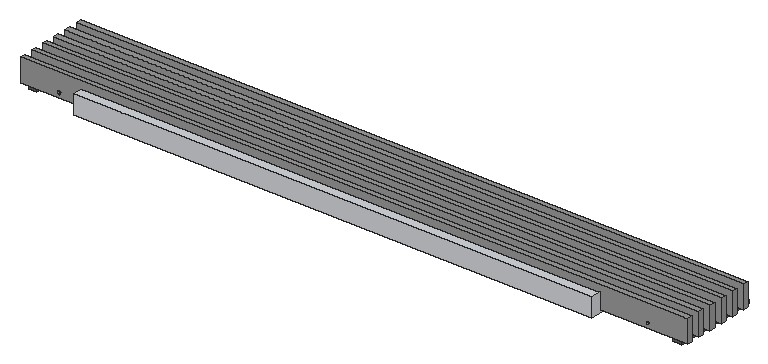
Revit family "1214-6, Solid", category Generic Models, host Face, Revit 2020
Family settings
  Host = Face
  Can host rebar = No
  Round Connector Dimension = Use Diameter
  Part Type = Normal
  Cut with Voids When Loaded = No
  Shared = No
  Room Calculation Point = No
Parameters
  min_value [instance] = 1' - 11 1/4"  # constant formula
  max_value [instance] = 11' - 11 1/4"  # constant formula
  actual_value [instance] = if(NET LENGTH < min_value, min_value, if(NET LENGTH > max_value, max_value, NET LENGTH))  # 7' - 11 1/4"
  NET LENGTH [instance] = 7' - 11 1/4"
  IMPORTANT NOTE!!!                                                                             *Backer & dowel layout is for visualization purposes only, final layout to be determined by 9Wood. [instance] = ""
  Default Elevation = 4' - 0"
  DOWEL RADIUS [instance] = 0' - 0 1/4"  # constant formula
  BACKING M MATERIAL [instance] = BLACK-BACKERS
  .. MEMBER WIDTH [instance] = 0' - 0 3/4"  # constant formula
  .. MEMBER MATERIAL [instance] = Solid Western Hemlock
  .. MEMBER DEPTH [instance] = 0' - 3 1/4"  # constant formula
  .. MEMBER COUNT [instance] = 6  # constant formula
Reference planes (in)
  plane 1 "Center (Front/Back)": y = 0
  plane 2: z = 2.726
  plane 3 "Center (Left/Right)": x = 0
Forms (in)
  Extrusion 1, solid
    sketch origin (15, -0.86619, -0.99308) x (0, 1, 0) y (-1, 0, 0)
      loop
        line (3.42869, -23.66817) -> (3.42869, 50.25) -> (-10, 50.25) -> (-10, -23.66817) -> (3.42869, -23.66817)
    from 3.71908 to 1.00111
Dimensions and locks (in)
  aligned and locked: plane 2 to Extrusion 1
Nested families (in)
  nested 1: "1200 Series" at (-44, -2, 1.87867), NET LENGTH <- "actual_value", DOWEL RADII <- "DOWEL RADIUS", .. MEMBER WIDTH <- ".. MEMBER WIDTH", .. MEMBER DEPTH <- ".. MEMBER DEPTH", .. MEMBER MATERIAL <- ".. MEMBER MATERIAL", BACKING M MATERIAL <- "BACKING M MATERIAL", .. MEMBER COUNT <- ".. MEMBER COUNT", type "1200 Series"
    with X 7' - 4", WIDTH 1' - 0 1/16", Space 0' - 0 11/16", START 0' - 0 3/8", SCRIM MATERIAL SCRIM, SCRIM 3 8' - 1", SCRIM 2 0' - 0 7/8", SCRIM 1 0' - 0 3/32", SCRIM yes, NET LENGTH 7' - 11 1/4", N 8, INSET 3 0' - 0 3/16", INSET 0' - 1", INDEX 0' - 5 5/8", END BACKER yes, DOWEL RADII 0' - 0 1/4", DOWEL COUNT 8, BACKING M WIDTH 0' - 1 1/4", BACKING M MATERIAL BLACK-BACKERS, BACKING M LENGTH 0' - 11 7/8", BACKING M DEPTH 0' - 0 1/2", .. MEMBER WIDTH 0' - 0 3/4", .. MEMBER OC TYP 0' - 2", .. MEMBER MATERIAL Solid Western Hemlock, .. MEMBER DEPTH 0' - 3 1/4", .. MEMBER COUNT 6
Definition of nested family "1200 Series"
  Parameters (values of type "1200 Series")
    X [instance] = NET LENGTH - (0' 3 5/8" * 2)  # 6' - 2"
    WIDTH [instance] = 1' - 0 1/16"
    Space [instance] = 0' - 0 11/16"  # constant formula
    START [instance] = .. MEMBER WIDTH / 2  # 0' - 0 3/8"
    SCRIM MATERIAL [instance] = none
    SCRIM 3 [instance] = NET LENGTH + (SCRIM 2 * 2)  # 6' - 11"
    SCRIM 2 [instance] = 0' - 0 7/8"
    SCRIM 1 [instance] = 0' - 0 3/32"
    SCRIM [instance] = yes
    NET LENGTH [instance] = 6' - 9 1/4"
    N [instance] = if((X - (rounddown(X / 1' 0") * 1' 0")) > 1' 0", rounddown(X / 1' 0") + 2, rounddown(X / 1' 0") + 1)  # 7
    INSET 3 [instance] = 0' - 0 3/16"
    INSET [instance] = 0' - 1"
    INDEX [instance] = (NET LENGTH - ((N - 1) * 1' 0")) / 2  # 0' - 4 5/8"
    END BACKER [instance] = yes
    Default Elevation = 0' - 0"
    DOWEL RADII [instance] = 0' - 0 1/4"
    DOWEL COUNT [instance] = N  # 7
    BACKING M WIDTH [instance] = 0' - 1 1/4"
    BACKING M MATERIAL [instance] = none
    BACKING M LENGTH [instance] = 0' - 11 7/8"
    BACKING M DEPTH [instance] = 0' - 0 1/2"
    .. MEMBER WIDTH [instance] = 0' - 0 3/4"
    .. MEMBER OC TYP [instance] = 1' 0" / .. MEMBER COUNT  # 0' - 3"
    .. MEMBER MATERIAL [instance] = none
    .. MEMBER DEPTH [instance] = 0' - 1 3/8"
    .. MEMBER COUNT [instance] = 4
  Reference planes (in)
    plane 1 "Center (Front/Back)": y = -7.5
    plane 2: z = 0
    plane 3 "Center (Left/Right)": x = 0
    plane 4: x = 1
    plane 5: x = 4.625
    plane 6: x = 81.25
    plane 7: x = 80.25
    plane 8: x = 16.625
    plane 9: y = -7.3125
    plane 10: y = -4.125
    plane 11: y = -7.125
    plane 12: y = 4.5625
    plane 13: y = -4.5
    plane 14: y = -7.59375
    plane 15: x = 82.125
    plane 16: y = 4.65625
    plane 17: x = -0.875
    plane 18: z = -1.375
    plane 19: z = -0.6875
  Lines and regions (in)
    model lines
      curve 1: line (4.375, -7.5, -0.6875) -> (4.875, -7.5, -0.6875)
    model lines, not visible
      curve 2: line (4.625, -7.5, -0.9375) -> (4.625, -7.5, -0.4375)
      curve 3: line (4.375, -7.5, -0.6875) -> (4.875, -7.5, -0.6875)
      curve 4: line (16.625, -7.5, -0.9375) -> (16.625, -7.5, -0.4375)
      curve 5: line (16.375, -7.5, -0.6875) -> (16.875, -7.5, -0.6875)
      curve 6: line (28.625, -7.5, -0.9375) -> (28.625, -7.5, -0.4375)
      curve 7: line (28.375, -7.5, -0.6875) -> (28.875, -7.5, -0.6875)
      curve 8: line (40.625, -7.5, -0.9375) -> (40.625, -7.5, -0.4375)
      curve 9: line (40.375, -7.5, -0.6875) -> (40.875, -7.5, -0.6875)
      curve 10: line (52.625, -7.5, -0.9375) -> (52.625, -7.5, -0.4375)
      curve 11: line (52.375, -7.5, -0.6875) -> (52.875, -7.5, -0.6875)
      curve 12: line (64.625, -7.5, -0.9375) -> (64.625, -7.5, -0.4375)
      curve 13: line (64.375, -7.5, -0.6875) -> (64.875, -7.5, -0.6875)
      curve 14: line (76.625, -7.5, -0.9375) -> (76.625, -7.5, -0.4375)
      curve 15: line (76.375, -7.5, -0.6875) -> (76.875, -7.5, -0.6875)
  Dimensions and locks (in)
    "NET LENGTH": plane 3 "Center (Left/Right)" to plane 6
    "INSET": plane 7 to plane 6
    "INDEX": plane 3 "Center (Left/Right)" to plane 5
    plane 5 to plane 8 = 1' - 0"
    "INSET 3": plane 1 "Center (Front/Back)" to plane 9
    equal spacing: group 1, group 2, group 3, group 4  (x3)
    "START": plane 11 to plane 1 "Center (Front/Back)"
    ".. MEMBER OC TYP": plane 10 to plane 11
    "WIDTH": plane 12 to plane 1 "Center (Front/Back)"
    "START": plane 10 to plane 13
    "SCRIM 1": plane 14 to plane 1 "Center (Front/Back)"
    "SCRIM 2": plane 6 to plane 15
    "SCRIM 1": plane 12 to plane 16
    "SCRIM 2": plane 17 to plane 3 "Center (Left/Right)"
    "INSET": plane 3 "Center (Left/Right)" to plane 4
    equal spacing: group 5, group 6, group 7, group 8, group 9, group 10, group 11  (x3)
    "Space": plane 19 to plane 18
    aligned and locked: level to plane 2
    aligned and locked: nested 1 to plane 4  (x2)
    aligned and locked: plane 7 to nested 2
    aligned and locked: plane 5 to nested 3
    aligned and locked: nested 1 to plane 9
    aligned and locked: plane 1 "Center (Front/Back)" to nested 4
    aligned and locked: plane 9 to nested 2
    aligned and locked: plane 13 to nested 5
    aligned and locked: nested 3 to plane 9
    aligned and locked: plane 18 to nested 1
    aligned and locked: plane 19 to nested 3
    aligned and locked: curve 1 to plane 19
    aligned and locked: plane 8 to curve 4
    aligned and locked: curve 5 to plane 19
    aligned and locked: nested 4 to plane 18
  Automatic sketch dimensions
    curve 1 to curve 1 = 0' - 0 1/2"
    curve 1 to plane 5 = 0' - 0 1/4"
    plane 5 to curve 1 = 0' - 0 1/4"
    curve 3 to curve 2 = 0' - 0 1/4"  (x2)
    curve 2 to curve 3 = 0' - 0 1/4"  (x2)
    curve 5 to curve 4 = 0' - 0 1/4"  (x2)
    curve 4 to curve 5 = 0' - 0 1/4"  (x2)
    curve 7 to curve 6 = 0' - 0 1/4"  (x2)
    curve 6 to curve 7 = 0' - 0 1/4"  (x2)
    curve 9 to curve 8 = 0' - 0 1/4"  (x2)
    curve 8 to curve 9 = 0' - 0 1/4"  (x2)
    curve 11 to curve 10 = 0' - 0 1/4"  (x2)
    curve 10 to curve 11 = 0' - 0 1/4"  (x2)
    curve 13 to curve 12 = 0' - 0 1/4"  (x2)
    curve 12 to curve 13 = 0' - 0 1/4"  (x2)
    curve 15 to curve 14 = 0' - 0 1/4"  (x2)
    curve 14 to curve 15 = 0' - 0 1/4"  (x2)
  Nested families (in)
    nested 1: "INSTANCE - 2ND -  EXTEND SIDE H CENTER W - Parametric Cube" at (1, -1.375, -1.375) x (0, -1, 0) z (0, 0, 1), Width <- "BACKING M LENGTH", Length <- "BACKING M WIDTH", Material <- "BACKING M MATERIAL", Height <- "BACKING M DEPTH", visible <- "END BACKER", type "INSTANCE - 2ND -  EXTEND SIDE H CENTER W - Parametric Cube"
      with Width 0' - 11 7/8", Material none, Length 0' - 1 1/4", Height 0' - 0 1/2"
    nested 2: "INSTANCE - 2ND -  EXTEND SIDE H CENTER W - Parametric Cube" at (80.25, -1.375, -1.375) x (0, -1, 0) z (0, 0, 1), Width <- "BACKING M LENGTH", Length <- "BACKING M WIDTH", Material <- "BACKING M MATERIAL", Height <- "BACKING M DEPTH", visible <- "END BACKER", type "INSTANCE - 2ND -  EXTEND SIDE H CENTER W - Parametric Cube"
      with Width 0' - 11 7/8", Material none, Length 0' - 1 1/4", Height 0' - 0 1/2"
    nested 3: "Family3" at (-5.375, -7.3125, -0.6875), DOWEL RADII <- "DOWEL RADII", BACKING MEM MATERIAL <- "BACKING M MATERIAL", type "Family3"
      with DOWEL RADII 0' - 0 1/4", DOWEL LENGTH 0' - 11 7/8", BACKING MEM MATERIAL none
    nested 4: "HOLED MEMBER" at (0, -18.75, 6.19404), DOWEL RADII <- "DOWEL RADII", .. MEMBER LENGTH <- "NET LENGTH", DOWEL COUNT <- "DOWEL COUNT", DEPTH <- ".. MEMBER DEPTH", .. MEMBER WIDTH <- ".. MEMBER WIDTH", Material <- ".. MEMBER MATERIAL", DOWEL INDEX <- "INDEX", Space 2 <- "Space", type "HOLED MEMBER"
      with Width 0' - 6", Space 2 0' - 0 11/16", Material none, Length 1' - 0", Height 0' - 10.43096", DOWEL RADII 0' - 0 1/4", DOWEL OC DIST 1' - 0", DOWEL INDEX 0' - 4 5/8", DOWEL COUNT 7, DEPTH 0' - 1 3/8", .. MEMBER WIDTH 0' - 0 3/4", .. MEMBER LENGTH 6' - 9 1/4"
    nested 5: "HOLED MEMBER" at (0, -15.75, 6.19404), DOWEL RADII <- "DOWEL RADII", .. MEMBER LENGTH <- "NET LENGTH", DOWEL COUNT <- "DOWEL COUNT", DEPTH <- ".. MEMBER DEPTH", .. MEMBER WIDTH <- ".. MEMBER WIDTH", Material <- ".. MEMBER MATERIAL", DOWEL INDEX <- "INDEX", Space 2 <- "Space", type "HOLED MEMBER"
      with Width 0' - 6", Space 2 0' - 0 11/16", Material none, Length 1' - 0", Height 0' - 10.43096", DOWEL RADII 0' - 0 1/4", DOWEL OC DIST 1' - 0", DOWEL INDEX 0' - 4 5/8", DOWEL COUNT 7, DEPTH 0' - 1 3/8", .. MEMBER WIDTH 0' - 0 3/4", .. MEMBER LENGTH 6' - 9 1/4"
    nested 6: "HOLED MEMBER" at (0, -12.75, 6.19404), DOWEL RADII <- "DOWEL RADII", .. MEMBER LENGTH <- "NET LENGTH", DOWEL COUNT <- "DOWEL COUNT", DEPTH <- ".. MEMBER DEPTH", .. MEMBER WIDTH <- ".. MEMBER WIDTH", Material <- ".. MEMBER MATERIAL", DOWEL INDEX <- "INDEX", Space 2 <- "Space", type "HOLED MEMBER"
      with Width 0' - 6", Space 2 0' - 0 11/16", Material none, Length 1' - 0", Height 0' - 10.43096", DOWEL RADII 0' - 0 1/4", DOWEL OC DIST 1' - 0", DOWEL INDEX 0' - 4 5/8", DOWEL COUNT 7, DEPTH 0' - 1 3/8", .. MEMBER WIDTH 0' - 0 3/4", .. MEMBER LENGTH 6' - 9 1/4"
    nested 7: "HOLED MEMBER" at (0, -9.75, 6.19404), DOWEL RADII <- "DOWEL RADII", .. MEMBER LENGTH <- "NET LENGTH", DOWEL COUNT <- "DOWEL COUNT", DEPTH <- ".. MEMBER DEPTH", .. MEMBER WIDTH <- ".. MEMBER WIDTH", Material <- ".. MEMBER MATERIAL", DOWEL INDEX <- "INDEX", Space 2 <- "Space", type "HOLED MEMBER"
      with Width 0' - 6", Space 2 0' - 0 11/16", Material none, Length 1' - 0", Height 0' - 10.43096", DOWEL RADII 0' - 0 1/4", DOWEL OC DIST 1' - 0", DOWEL INDEX 0' - 4 5/8", DOWEL COUNT 7, DEPTH 0' - 1 3/8", .. MEMBER WIDTH 0' - 0 3/4", .. MEMBER LENGTH 6' - 9 1/4"
    nested 8: "Family3" at (6.625, -7.3125, -0.6875), DOWEL RADII <- "DOWEL RADII", BACKING MEM MATERIAL <- "BACKING M MATERIAL", type "Family3"
      with DOWEL RADII 0' - 0 1/4", DOWEL LENGTH 0' - 11 7/8", BACKING MEM MATERIAL none
    nested 9: "Family3" at (18.625, -7.3125, -0.6875), DOWEL RADII <- "DOWEL RADII", BACKING MEM MATERIAL <- "BACKING M MATERIAL", type "Family3"
      with DOWEL RADII 0' - 0 1/4", DOWEL LENGTH 0' - 11 7/8", BACKING MEM MATERIAL none
    nested 10: "Family3" at (30.625, -7.3125, -0.6875), DOWEL RADII <- "DOWEL RADII", BACKING MEM MATERIAL <- "BACKING M MATERIAL", type "Family3"
      with DOWEL RADII 0' - 0 1/4", DOWEL LENGTH 0' - 11 7/8", BACKING MEM MATERIAL none
    nested 11: "Family3" at (42.625, -7.3125, -0.6875), DOWEL RADII <- "DOWEL RADII", BACKING MEM MATERIAL <- "BACKING M MATERIAL", type "Family3"
      with DOWEL RADII 0' - 0 1/4", DOWEL LENGTH 0' - 11 7/8", BACKING MEM MATERIAL none
    nested 12: "Family3" at (54.625, -7.3125, -0.6875), DOWEL RADII <- "DOWEL RADII", BACKING MEM MATERIAL <- "BACKING M MATERIAL", type "Family3"
      with DOWEL RADII 0' - 0 1/4", DOWEL LENGTH 0' - 11 7/8", BACKING MEM MATERIAL none
    nested 13: "Family3" at (66.625, -7.3125, -0.6875), DOWEL RADII <- "DOWEL RADII", BACKING MEM MATERIAL <- "BACKING M MATERIAL", type "Family3"
      with DOWEL RADII 0' - 0 1/4", DOWEL LENGTH 0' - 11 7/8", BACKING MEM MATERIAL none
  Definition of nested family "INSTANCE - 2ND -  EXTEND SIDE H CENTER W - Parametric Cube"
    Parameters (values of type "INSTANCE - 2ND -  EXTEND SIDE H CENTER W - Parametric Cube")
      Width [instance] = 0' - 6"
      Material [instance] = none
      Length [instance] = 1' - 0"
      Height [instance] = 1' - 6"
      Default Elevation = 0' - 0"
    Reference planes (in)
      plane 1 "Center (Front/Back)": y = 0
      plane 2: z = 0
      plane 3 "Center (Left/Right)": x = 0
      plane 4: x = -3
      plane 5: x = 3
      plane 6: y = 12
      plane 7: z = -18
    Forms (in)
      Extrusion 1, solid, material <- "Material"
        sketch origin (0, 6, 0) x (1, 0, 0) y (0, 1, 0)
          loop
            line (-3, 6) -> (-3, -6) -> (3, -6) -> (3, 6) -> (-3, 6)
        from -18 to 0
    Dimensions and locks (in)
      equal spacing: plane 4, plane 3 "Center (Left/Right)", plane 5
      "Width": plane 4 to plane 5
      "Height": plane 7 to level
      "Length": plane 1 "Center (Front/Back)" to plane 6
      aligned and locked: plane 2 to level
      aligned and locked: plane 4 to Extrusion 1 sketch curve
      aligned and locked: Extrusion 1 sketch curve to plane 5
      aligned and locked: Extrusion 1 to plane 7
      aligned and locked: plane 6 to Extrusion 1
    Automatic sketch dimensions
      plane 1 "Center (Front/Back)" to Extrusion 1 sketch curve = 0' - 0"
      plane 6 to Extrusion 1 sketch curve = 0' - 0"
  Definition of nested family "Family3"
    Parameters (values of type "Family3")
      Default Elevation = 0' - 0"
      DOWEL RADII [instance] = 0' - 0 5/8"
      DOWEL LENGTH [instance] = 0' - 5"
      BACKING MEM MATERIAL [instance] = none
    Reference planes (in)
      plane 1 "Center (Front/Back)": y = 0
      plane 2: z = 0
      plane 3 "Center (Left/Right)": x = 0
      plane 4: y = 5
    Forms (in)
      Extrusion 1, solid, material <- "BACKING MEM MATERIAL"
        sketch origin (10, 0, 0) x (1, 0, 0) y (0, 0, 1)
          loop
            circle (0, 0) r 0.625
        from 0 to -5
      Extrusion 2, solid, not visible
        sketch origin (0, 0, 0) x (1, 0, 0) y (0, 0, 1)
          loop
            circle (0, 0) r 0.625
        from 0 to 12
      Extrusion 3, solid, not visible
        sketch origin (10, 0, 0) x (1, 0, 0) y (0, 0, 1)
          loop
            circle (0, 0) r 0.625
        from 0 to 2.5
      Extrusion 4, solid, not visible
        sketch origin (10, 0, 0) x (1, 0, 0) y (0, 0, 1)
          loop
            circle (0, 0) r 0.625
        from 0 to -12
    Lines and regions (in)
      model lines, not visible
        curve 1: line (-13, 0, 0) -> (-13, -12, 0)
        curve 2: line (13, 0, 0) -> (13, -12, 0)
        curve 3: line (9.89453, 0, 0) -> (10.08794, 0, 0)
        curve 4: line (9.89453, -2.5, 0) -> (10.08794, -2.5, 0)
        curve 6: line (10, 0, 0) -> (10, 2, 0)
      model lines
        curve 5: line (10, 0, 0) -> (10, 2, 0)
    Dimensions and locks (in)
      "DOWEL LENGTH": plane 1 "Center (Front/Back)" to plane 4
      "DOWEL RADII": radius of Extrusion 1 sketch curve
      "DOWEL RADII": radius of Extrusion 2 sketch curve
      "DOWEL RADII": radius of Extrusion 3 sketch curve
      "DOWEL RADII": radius of Extrusion 4 sketch curve
      "DOWEL RADII": radius of Extrusion 1
      aligned and locked: plane 2 to level
      aligned and locked: Extrusion 1 to plane 1 "Center (Front/Back)"  (x3)
      aligned and locked: plane 1 "Center (Front/Back)" to Extrusion 1
      aligned and locked: plane 4 to Extrusion 1
    Automatic sketch dimensions
      plane 1 "Center (Front/Back)" to curve 5 = 0' - 0"
      curve 5 to plane 1 "Center (Front/Back)" = 0' - 2"
      plane 3 "Center (Left/Right)" to curve 5 = 0' - 10"
      Extrusion 1 sketch curve to level = 0' - 0"
      plane 3 "Center (Left/Right)" to Extrusion 1 sketch curve = 0' - 10"
  Definition of nested family "HOLED MEMBER"
    Parameters (values of type "HOLED MEMBER")
      Width [instance] = 0' - 6"
      Space 2 [instance] = 0' - 0 5/8"
      Space = 0' - 0 5/8"
      Material [instance] = none
      Length [instance] = 1' - 0"
      Height [instance] = 0' - 10.43096"
      Default Elevation = 0' - 0"
      DOWEL RADII [instance] = 0' - 0.34537"
      DOWEL OC DIST [instance] = 1' - 0"
      DOWEL INSET = 0' - 0 5/8"
      DOWEL INDEX [instance] = 0' - 5 5/8"
      DOWEL COUNT [instance] = 6
      DEPTH [instance] = 0' - 2"
      .. MEMBER WIDTH [instance] = 0' - 0 5/8"
      .. MEMBER LENGTH [instance] = 5' - 11 3/4"
    Reference planes (in)
      plane 1 "Center (Front/Back)": y = 12
      plane 2: z = -7.56904
      plane 3 "Center (Left/Right)": x = 0
      plane 4: x = 5.625
      plane 5: x = 17.625
      plane 6: y = 11.375
      plane 7: x = 71.75
      plane 8: z = -6.94404
      plane 9: z = -5.56904
    Forms (in)
      Extrusion 1, solid, material <- "Material"
        sketch origin (0, 12, -13.56904) x (1, 0, 0) y (0, 0, 1)
          loop
            line (0, 6) -> (71.75, 6) -> (71.75, 8) -> (0, 8) -> (0, 6)
        from 0.625 to 0
      Extrusion 2, void
        sketch origin (0, 12, -18.31904) x (1, 0, 0) y (0, 0, 1)
          loop
            circle (5.625, 11.375) r 0.34537
        from 0 to 12
      Extrusion 3, void, not visible
        sketch origin (0, 1.25, 0) x (1, 0, 0) y (0, 1, 0)
          loop
            circle (5.625, 11.375) r 0.34537
        from 0 to 12
      Extrusion 4, void, not visible
        sketch origin (0, 1.25, 0) x (1, 0, 0) y (0, 1, 0)
          loop
            circle (5.625, 11.375) r 0.34537
        from 0 to 12
      Extrusion 5, void, not visible
        sketch origin (12, 1.25, 0) x (1, 0, 0) y (0, 1, 0)
          loop
            circle (5.625, 11.375) r 0.34537
        from 0 to 12
      Extrusion 6, void, not visible
        sketch origin (0, 12, -16.31904) x (1, 0, 0) y (0, 0, 1)
          loop
            circle (5.625, 11.375) r 0.34537
        from 0 to 12
      Extrusion 7, void, not visible
        sketch origin (12, 12, -16.31904) x (1, 0, 0) y (0, 0, 1)
          loop
            circle (5.625, 11.375) r 0.34537
        from 0 to 12
      Extrusion 8, void, not visible
        sketch origin (0, 12, -18.31904) x (1, 0, 0) y (0, 0, 1)
          loop
            circle (5.625, 11.375) r 0.34537
        from 0 to 12
      Extrusion 9, void
        sketch origin (12, 12, -18.31904) x (1, 0, 0) y (0, 0, 1)
          loop
            circle (5.625, 11.375) r 0.34537
        from 0 to 12
      Extrusion 10, void, not visible
        sketch origin (24, 12, -16.31904) x (1, 0, 0) y (0, 0, 1)
          loop
            circle (5.625, 11.375) r 0.34537
        from 0 to 12
      Extrusion 11, void, not visible
        sketch origin (36, 12, -16.31904) x (1, 0, 0) y (0, 0, 1)
          loop
            circle (5.625, 11.375) r 0.34537
        from 0 to 12
      Extrusion 12, void, not visible
        sketch origin (48, 12, -16.31904) x (1, 0, 0) y (0, 0, 1)
          loop
            circle (5.625, 11.375) r 0.34537
        from 0 to 12
      Extrusion 13, void, not visible
        sketch origin (60, 12, -16.31904) x (1, 0, 0) y (0, 0, 1)
          loop
            circle (5.625, 11.375) r 0.34537
        from 0 to 12
      Extrusion 14, void, not visible
        sketch origin (24, 1.25, 0) x (1, 0, 0) y (0, 1, 0)
          loop
            circle (5.625, 11.375) r 0.34537
        from 0 to 12
      Extrusion 15, void, not visible
        sketch origin (36, 1.25, 0) x (1, 0, 0) y (0, 1, 0)
          loop
            circle (5.625, 11.375) r 0.34537
        from 0 to 12
      Extrusion 16, void, not visible
        sketch origin (48, 1.25, 0) x (1, 0, 0) y (0, 1, 0)
          loop
            circle (5.625, 11.375) r 0.34537
        from 0 to 12
      Extrusion 17, void, not visible
        sketch origin (60, 1.25, 0) x (1, 0, 0) y (0, 1, 0)
          loop
            circle (5.625, 11.375) r 0.34537
        from 0 to 12
      Extrusion 18, void
        sketch origin (24, 12, -18.31904) x (1, 0, 0) y (0, 0, 1)
          loop
            circle (5.625, 11.375) r 0.34537
        from 0 to 12
      Extrusion 19, void
        sketch origin (36, 12, -18.31904) x (1, 0, 0) y (0, 0, 1)
          loop
            circle (5.625, 11.375) r 0.34537
        from 0 to 12
      Extrusion 20, void
        sketch origin (48, 12, -18.31904) x (1, 0, 0) y (0, 0, 1)
          loop
            circle (5.625, 11.375) r 0.34537
        from 0 to 12
      Extrusion 21, void
        sketch origin (60, 12, -18.31904) x (1, 0, 0) y (0, 0, 1)
          loop
            circle (5.625, 11.375) r 0.34537
        from 0 to 12
    Cuts and joins
      Extrusion 2, Extrusion 9, Extrusion 18, Extrusion 19, Extrusion 20, Extrusion 21 cuts Extrusion 1
    Lines and regions (in)
      model lines, not visible
        curve 1: line (5.625, 11.72037, 0) -> (5.625, 11.02963, 0)
        curve 2: line (5.625, 11.72037, 0) -> (5.625, 11.02963, 0)
        curve 3: line (17.625, 11.72037, 0) -> (17.625, 11.02963, 0)
        curve 4: line (5.625, 12, -7.56904) -> (5.625, 11.87317, -7.56904)
        curve 5: line (5.625, 11.87317, -7.56904) -> (5.06195, 11.87317, -7.56904)
        curve 6: line (5.06195, 11.87317, -7.56904) -> (5.27963, 11.375, -7.56904)
        curve 7: line (0, 12, -6.19404) -> (0, 11.61951, -6.19404)
        curve 8: line (0, 11.375, -8.19404) -> (0, 11.6747, -8.19404)
        curve 9: line (5.625, 12, -7.56904) -> (5.625, 11.69863, -7.56904)
        curve 11: line (5.625, 12, 0) -> (5.625, 12, 0.30137)
        curve 12: line (5.625, 12, 0) -> (5.625, 12, 0.30137)
        curve 13: line (17.625, 12, 0) -> (17.625, 12, 0.30137)
        curve 14: line (5.625, 12, -5.56904) -> (5.625, 11.69863, -5.56904)
        curve 15: line (17.625, 12, -5.56904) -> (17.625, 11.69863, -5.56904)
        curve 16: line (5.625, 12, -7.56904) -> (5.625, 11.69863, -7.56904)
        curve 18: line (29.625, 12, -5.56904) -> (29.625, 11.69863, -5.56904)
        curve 19: line (41.625, 12, -5.56904) -> (41.625, 11.69863, -5.56904)
        curve 20: line (53.625, 12, -5.56904) -> (53.625, 11.69863, -5.56904)
        curve 21: line (65.625, 12, -5.56904) -> (65.625, 11.69863, -5.56904)
        curve 22: line (29.625, 11.72037, 0) -> (29.625, 11.02963, 0)
        curve 23: line (29.625, 12, 0) -> (29.625, 12, 0.30137)
        curve 24: line (41.625, 11.72037, 0) -> (41.625, 11.02963, 0)
        curve 25: line (41.625, 12, 0) -> (41.625, 12, 0.30137)
        curve 26: line (53.625, 11.72037, 0) -> (53.625, 11.02963, 0)
        curve 27: line (53.625, 12, 0) -> (53.625, 12, 0.30137)
        curve 28: line (65.625, 11.72037, 0) -> (65.625, 11.02963, 0)
        curve 29: line (65.625, 12, 0) -> (65.625, 12, 0.30137)
        curve 35: line (5.27963, 12.625, 0) -> (5.97037, 12.625, 0)
        curve 36: line (5.27963, 12.625, 0) -> (5.97037, 12.625, 0)
        curve 37: line (17.27963, 12.625, 0) -> (17.97037, 12.625, 0)
        curve 38: line (5.27963, 12, -4.94404) -> (5.97037, 12, -4.94404)
        curve 39: line (17.27963, 12, -4.94404) -> (17.97037, 12, -4.94404)
        curve 40: line (5.27963, 12, -6.94404) -> (5.97037, 12, -6.94404)
        curve 42: line (29.27963, 12, -4.94404) -> (29.97037, 12, -4.94404)
        curve 43: line (41.27963, 12, -4.94404) -> (41.97037, 12, -4.94404)
        curve 44: line (53.27963, 12, -4.94404) -> (53.97037, 12, -4.94404)
        curve 45: line (65.27963, 12, -4.94404) -> (65.97037, 12, -4.94404)
        curve 46: line (29.27963, 12.625, 0) -> (29.97037, 12.625, 0)
        curve 47: line (41.27963, 12.625, 0) -> (41.97037, 12.625, 0)
        curve 48: line (53.27963, 12.625, 0) -> (53.97037, 12.625, 0)
        curve 49: line (65.27963, 12.625, 0) -> (65.97037, 12.625, 0)
        curve 54: line (0, 12, -6.94404) -> (0, 4.22059, -6.94404)
        curve 55: line (0, 12.625, 0) -> (0, 12.625, 7.77941)
        curve 56: line (0, 12.625, 0) -> (0, 12.625, 7.77941)
        curve 57: line (12, 12.625, 0) -> (12, 12.625, 7.77941)
        curve 58: line (0, 12, -4.94404) -> (0, 4.22059, -4.94404)
        curve 59: line (12, 12, -4.94404) -> (12, 4.22059, -4.94404)
        curve 60: line (0, 12, -6.94404) -> (0, 4.22059, -6.94404)
        curve 61: line (12, 12, -6.94404) -> (12, 4.22059, -6.94404)
        curve 62: line (24, 12, -4.94404) -> (24, 4.22059, -4.94404)
        curve 63: line (36, 12, -4.94404) -> (36, 4.22059, -4.94404)
        curve 64: line (48, 12, -4.94404) -> (48, 4.22059, -4.94404)
        curve 65: line (60, 12, -4.94404) -> (60, 4.22059, -4.94404)
        curve 66: line (24, 12.625, 0) -> (24, 12.625, 7.77941)
        curve 67: line (36, 12.625, 0) -> (36, 12.625, 7.77941)
        curve 68: line (48, 12.625, 0) -> (48, 12.625, 7.77941)
        curve 69: line (60, 12.625, 0) -> (60, 12.625, 7.77941)
        curve 70: line (24, 12, -6.94404) -> (24, 4.22059, -6.94404)
        curve 71: line (36, 12, -6.94404) -> (36, 4.22059, -6.94404)
        curve 72: line (48, 12, -6.94404) -> (48, 4.22059, -6.94404)
        curve 73: line (60, 12, -6.94404) -> (60, 4.22059, -6.94404)
      model lines
        curve 10: line (5.625, 12, -7.56904) -> (5.625, 11.69863, -7.56904)
        curve 17: line (17.625, 12, -7.56904) -> (17.625, 11.69863, -7.56904)
        curve 30: line (29.625, 12, -7.56904) -> (29.625, 11.69863, -7.56904)
        curve 31: line (41.625, 12, -7.56904) -> (41.625, 11.69863, -7.56904)
        curve 32: line (53.625, 12, -7.56904) -> (53.625, 11.69863, -7.56904)
        curve 33: line (65.625, 12, -7.56904) -> (65.625, 11.69863, -7.56904)
        curve 34: line (5.27963, 12, -6.94404) -> (5.97037, 12, -6.94404)
        curve 41: line (17.27963, 12, -6.94404) -> (17.97037, 12, -6.94404)
        curve 50: line (29.27963, 12, -6.94404) -> (29.97037, 12, -6.94404)
        curve 51: line (41.27963, 12, -6.94404) -> (41.97037, 12, -6.94404)
        curve 52: line (53.27963, 12, -6.94404) -> (53.97037, 12, -6.94404)
        curve 53: line (65.27963, 12, -6.94404) -> (65.97037, 12, -6.94404)
    Dimensions and locks (in)
      "DOWEL INDEX": plane 3 "Center (Left/Right)" to plane 4
      "DOWEL OC DIST": plane 4 to plane 5
      ".. MEMBER LENGTH": plane 3 "Center (Left/Right)" to plane 7
      equal spacing: group 3, group 4, group 17, group 18, group 19, group 20  (x3)
      equal spacing: group 7, group 8, group 13, group 14, group 15, group 16  (x3)
      equal spacing: group 1, group 12, group 21, group 22, group 23, group 24  (x3)
      ".. MEMBER WIDTH": plane 6 to plane 1 "Center (Front/Back)"
      "DEPTH": plane 9 to level
      "Space 2": plane 8 to level
      "DOWEL RADII": radius of Extrusion 2 sketch curve
      "DOWEL RADII": radius of Extrusion 3 sketch curve
      "DOWEL RADII": radius of Extrusion 4 sketch curve
      "DOWEL RADII": radius of Extrusion 5 sketch curve
      "DOWEL RADII": radius of Extrusion 6 sketch curve
      "DOWEL RADII": radius of Extrusion 7 sketch curve
      "DOWEL RADII": radius of Extrusion 8 sketch curve
      "DOWEL RADII": radius of Extrusion 9 sketch curve
      "DOWEL RADII": radius of Extrusion 10 sketch curve
      "DOWEL RADII": radius of Extrusion 11 sketch curve
      "DOWEL RADII": radius of Extrusion 12 sketch curve
      "DOWEL RADII": radius of Extrusion 13 sketch curve
      "DOWEL RADII": radius of Extrusion 14 sketch curve
      "DOWEL RADII": radius of Extrusion 15 sketch curve
      "DOWEL RADII": radius of Extrusion 16 sketch curve
      "DOWEL RADII": radius of Extrusion 17 sketch curve
      "DOWEL RADII": radius of Extrusion 18 sketch curve
      "DOWEL RADII": radius of Extrusion 19 sketch curve
      "DOWEL RADII": radius of Extrusion 20 sketch curve
      "DOWEL RADII": radius of Extrusion 21 sketch curve
      aligned and locked: level to plane 2
      aligned and locked: Extrusion 1 to plane 3 "Center (Left/Right)"  (x2)
      aligned and locked: plane 7 to cut or joined group of Extrusion 1, Extrusion 2, Extrusion 9, Extrusion 18, Extrusion 19, Extrusion 20, Extrusion 21  (x2)
      aligned and locked: cut or joined group of Extrusion 1, Extrusion 2, Extrusion 9, Extrusion 18, Extrusion 19, Extrusion 20, Extrusion 21 to plane 1 "Center (Front/Back)"  (x2)
      aligned and locked: cut or joined group of Extrusion 1, Extrusion 2, Extrusion 9, Extrusion 18, Extrusion 19, Extrusion 20, Extrusion 21 to plane 6  (x2)
      aligned and locked: plane 4 to curve 10
      aligned and locked: plane 5 to curve 17
      aligned and locked: plane 9 to cut or joined group of Extrusion 1, Extrusion 2, Extrusion 9, Extrusion 18, Extrusion 19, Extrusion 20, Extrusion 21  (x2)
      aligned and locked: cut or joined group of Extrusion 1, Extrusion 2, Extrusion 9, Extrusion 18, Extrusion 19, Extrusion 20, Extrusion 21 to level
      aligned and locked: plane 8 to Extrusion 2
      aligned and locked: curve 34 to plane 8
      aligned and locked: curve 41 to plane 8
      aligned and locked: level to curve 10
      aligned and locked: curve 10 to level
      aligned and locked: plane 8 to cut or joined group of Extrusion 1, Extrusion 2, Extrusion 9, Extrusion 18, Extrusion 19, Extrusion 20, Extrusion 21
      aligned and locked: curve 54 to plane 8
    Automatic sketch dimensions
      curve 1 to curve 1 = 0' - 0.69074"
      curve 2 to curve 2 = 0' - 0.69074"
      curve 3 to curve 3 = 0' - 0.69074"
      Extrusion 1 sketch curve to plane 3 "Center (Left/Right)" = 0' - 0"
      Extrusion 1 sketch curve to plane 7 = 0' - 0"
      Extrusion 1 sketch curve to Extrusion 1 sketch curve = 0' - 2"
      level to Extrusion 1 sketch curve = 0' - 0"
      curve 9 to curve 9 = 0' - 0.30137"
      curve 10 to curve 10 = 0' - 0.30137"
      curve 11 to curve 11 = 0' - 0.30137"
      curve 12 to curve 12 = 0' - 0.30137"
      curve 13 to curve 13 = 0' - 0.30137"
      curve 14 to curve 14 = 0' - 0.30137"
      curve 15 to curve 15 = 0' - 0.30137"
      curve 16 to curve 16 = 0' - 0.30137"
      curve 17 to curve 17 = 0' - 0.30137"
      curve 18 to curve 18 = 0' - 0.30137"
      curve 19 to curve 19 = 0' - 0.30137"
      curve 20 to curve 20 = 0' - 0.30137"
      curve 21 to curve 21 = 0' - 0.30137"
      curve 22 to curve 22 = 0' - 0.69074"
      curve 23 to curve 23 = 0' - 0.30137"
      curve 24 to curve 24 = 0' - 0.69074"
      curve 25 to curve 25 = 0' - 0.30137"
      curve 26 to curve 26 = 0' - 0.69074"
      curve 27 to curve 27 = 0' - 0.30137"
      curve 28 to curve 28 = 0' - 0.69074"
      curve 29 to curve 29 = 0' - 0.30137"
      curve 30 to curve 30 = 0' - 0.30137"
      curve 31 to curve 31 = 0' - 0.30137"
      curve 32 to curve 32 = 0' - 0.30137"
      curve 33 to curve 33 = 0' - 0.30137"
      curve 34 to curve 34 = 0' - 0.69074"
      curve 35 to curve 35 = 0' - 0.69074"
      curve 36 to curve 36 = 0' - 0.69074"
      curve 37 to curve 37 = 0' - 0.69074"
      curve 38 to curve 38 = 0' - 0.69074"
      curve 39 to curve 39 = 0' - 0.69074"
      curve 40 to curve 40 = 0' - 0.69074"
      curve 41 to curve 41 = 0' - 0.69074"
      curve 42 to curve 42 = 0' - 0.69074"
      curve 43 to curve 43 = 0' - 0.69074"
      curve 44 to curve 44 = 0' - 0.69074"
      curve 45 to curve 45 = 0' - 0.69074"
      curve 46 to curve 46 = 0' - 0.69074"
      curve 47 to curve 47 = 0' - 0.69074"
      curve 48 to curve 48 = 0' - 0.69074"
      curve 49 to curve 49 = 0' - 0.69074"
      curve 50 to curve 50 = 0' - 0.69074"
      curve 51 to curve 51 = 0' - 0.69074"
      curve 52 to curve 52 = 0' - 0.69074"
      curve 53 to curve 53 = 0' - 0.69074"
      curve 54 to curve 54 = 0' - 7.77941"
      curve 55 to curve 55 = 0' - 7.77941"
      curve 56 to curve 56 = 0' - 7.77941"
      curve 57 to curve 57 = 0' - 7.77941"
      curve 58 to curve 58 = 0' - 7.77941"
      curve 59 to curve 59 = 0' - 7.77941"
      curve 60 to curve 60 = 0' - 7.77941"
      curve 61 to curve 61 = 0' - 7.77941"
      curve 62 to curve 62 = 0' - 7.77941"
      curve 63 to curve 63 = 0' - 7.77941"
      curve 64 to curve 64 = 0' - 7.77941"
      curve 65 to curve 65 = 0' - 7.77941"
      curve 66 to curve 66 = 0' - 7.77941"
      curve 67 to curve 67 = 0' - 7.77941"
      curve 68 to curve 68 = 0' - 7.77941"
      curve 69 to curve 69 = 0' - 7.77941"
      curve 70 to curve 70 = 0' - 7.77941"
      curve 71 to curve 71 = 0' - 7.77941"
      curve 72 to curve 72 = 0' - 7.77941"
      curve 73 to curve 73 = 0' - 7.77941"
